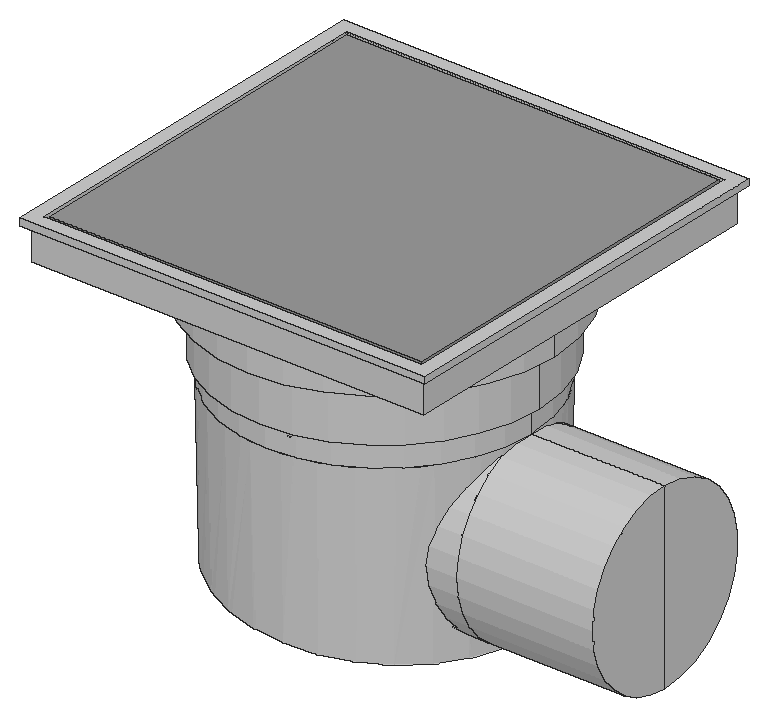
Revit family "HL_Дворовый трап серии Perfekt_HL605W", category Instalační zařizovací předměty, Revit 2016
Family settings
  Typ součásti = Normální
  Kóta kulaté spojky = Použít průměr
  Číslo OmniClass = 23.70.50.21.24.14
  Nadpis OmniClass = Deck Waste Water Drains
  Založené na pracovní rovině = Ne
  Vždy vertikální = Ano
  Ořezat dutým tvarem při načtení = Ne
  Sdílené = Ne
  Bod výpočtu místnosti = Ano
Parameters
  РЕШЁТКА = "Gusseisen 226 x 226 mm"
  РАЗМЕР = "DN110"
  ПРОПУСКНАЯ СПОСОБНОСТЬ [instance] = 0.0 L/s
  ПРОИЗВОДИТЕЛЬНОСТЬ = "2,5 l/s"
  ПРАВОВАЯ ИНФОРМАЦИЯ = "\"Copyright (©), design rights or any other intellectual property rights, shall be the exclusive property of HL Hutterer & Lechner GmbH. Modification is not allowed. Family has been watermarked.\""
  НОМИНАЛЬНЫЙ ДИАМЕТР = 110 mm
  НАСАДКА = "244 x 244 mm"
  МАТЕРИАЛ = "PP"
  МАКСИМАЛЬНАЯ НАГРУЗКА КЛАССА = "A - 1,5 t (außen)"
  ВЫСОТА МОНТАЖА = "206 mm"
  ВЕС = "6,981 kg"
  Výrobce = "HL Hutterer & Lechner GmbH"
  URL = "http://www.hutterer-lechner.com/en/products/catalog/roof-drains/HL605W.aspx"
  Материал плитка [instance] = none
  Připojení ventilace = no
  Připojení odpadu = yes
  Připojení HW = no
  Připojení CW = no
  Description = ""
  Model = "HL605W"
  Assembly Code = " "
  Type Comments = "perfect-drain DN110 horizontal 244x244mm plastic/226x226mm cast iron with trap seal"
  Keynote = "HL605W"
  IH [instance] = Высота монтажа 1 + Высота монтажа 2  # 0 mm
  Высота монтажа 2 [instance] = 0 mm
  Высота монтажа 1 [instance] = 0 mm
  G [instance] = 90.00°  # constant formula
  EAN = "9003076011070"
  D [instance] = 170 mm
  C [instance] = if(IH - 68 mm < 0 mm, 0 mm, IH - 68 mm)  # 0 mm
  B [instance] = IH + 151.2 mm  # 151.2 mm
  A [instance] = if(B - 100 mm > 15 mm, B - 100 mm, 15 mm)  # 51.2 mm
Types (2, lengths in mm): name | ПРАВОВАЯ ИНФОРМАЦИЯ | URL | Description | Type Comments
  (no name) | "\"Copyright (©), design rights or any other intellectual property rights, shall be the exclusive property of HL Hutterer & Lechner GmbH. Modification is not allowed. Family has been watermarked.\"" | "http://www.hutterer-lechner.com/en/products/catalog/roof-drains/HL605W.aspx" | "" | "perfect-drain DN110 horizontal 244x244mm plastic/226x226mm cast iron with trap seal"
  HL_Дворовый трап серии Perfekt_HL605W | "\"Авторские права(©), права на дизайн или какие либо другие права интелектуальной собственности являются исключительной собственностью компании HL Hutterer & Lechner. Изменению не подлежит. Файл семейства с данными о прозводителе изделия защищен паролем с водяным знаком.\"" | "http://www.hutterer-lechner.com/ru/products/catalog/roof-drains/HL605W.aspx" | "Дворовый трап серии Perfekt DN110 горизонтальный выпуск" | "Дворовый трап серии Perfekt DN110 горизонтальный 244х244мм ПП/226х226мм чугун с водяным затвором."
Reference planes
  plane 1 "Center (Front/Back)": y = 0
  plane 2: z = 0
  plane 3 "Center (Left/Right)": x = 0
  plane 4: z = -151.2
  plane 5: z = 0
  plane 6: z = 0
Lines and regions (mm)
  model lines, style "InvisibleLines"
    curve 1: line (0, 0, 0) -> (0, 0, 20)
  model lines, style "PlumbingFixtures", detail levels coarse+medium
    curve 2: line (0, 0, -151.2) -> (0, 0, -100)
    curve 3: line (0, 0, -100) -> (-100, 0, 0)
    curve 4: line (0, 0, -100) -> (100, 0, 0)
    curve 6: line (0, 0, -151.2) -> (170, 0, -151.2)
  reference lines, not visible
    curve 5: line (0, 0, -151.2) -> (170, 0, -151.2)
  symbolic lines, style "PlumbingFixtures", detail levels coarse+medium
    curve 7: line (-75, 75, 0) -> (75, 75, 0)
    curve 8: line (-75, -75, 0) -> (-75, 75, 0)
    curve 9: line (75, -75, 0) -> (-75, -75, 0)
    curve 10: line (75, 75, 0) -> (75, -75, 0)
    curve 11: line (-75, 75, 0) -> (-145.711, 145.711, 0)
    curve 12: line (75, 75, 0) -> (145.711, 145.711, 0)
    curve 13: line (-75, -75, 0) -> (-145.711, -145.711, 0)
    curve 14: line (75, -75, 0) -> (145.711, -145.711, 0)
  symbolic lines, style "PlumbingFixtures", not visible, detail levels coarse+medium
    curve 15: line (-75, 75, 0) -> (75, 75, 0)
    curve 16: line (-75, -75, 0) -> (-75, 75, 0)
    curve 17: line (75, -75, 0) -> (-75, -75, 0)
    curve 18: line (75, 75, 0) -> (75, -75, 0)
    curve 19: line (-75, 75, 0) -> (-145.711, 145.711, 0)
    curve 20: line (75, 75, 0) -> (145.711, 145.711, 0)
    curve 21: line (-75, -75, 0) -> (-145.711, -145.711, 0)
    curve 22: line (75, -75, 0) -> (145.711, -145.711, 0)
Text (mm)
  text "FLOOR" at (-162.344, 0, -10.979), in view "Слева"
Dimensions and locks
  "B": plane 2 to plane 4
  "IH": plane 2 to plane 5
  "A": curve 4 to plane 4
  "D": curve 5 to curve 5
  "D": curve 6 to curve 6
  "Высота монтажа 1": plane 2 to plane 6
  locked: curve 4 to plane 3 "Center (Left/Right)" (angle 45.00°)
  locked: plane 3 "Center (Left/Right)" to curve 3 (angle 45.00°)
  "G": angle curve 5 to plane 3 "Center (Left/Right)"
  aligned and locked: level to plane 2
  aligned and locked: plane 2 to curve 4
  aligned and locked: plane 2 to curve 3
  aligned and locked: plane 4 to curve 5
  aligned and locked: plane 3 "Center (Left/Right)" to curve 5
  aligned and locked: plane 4 to curve 2
  aligned and locked: curve 6 to plane 3 "Center (Left/Right)"
  aligned and locked: curve 6 to plane 4
  aligned and locked: plane 3 "Center (Left/Right)" to nested 1
  aligned and locked: plane 5 to nested 1
  aligned and locked: plane 3 "Center (Left/Right)" to nested 2
  aligned and locked: plane 2 to nested 2
  aligned and locked: plane 3 "Center (Left/Right)" to nested 4
  aligned and locked: nested 4 to nested 1
  aligned and locked: plane 3 "Center (Left/Right)" to nested 3
  aligned and locked: nested 1 to nested 3
Automatic sketch dimensions
  curve 2 to plane 3 "Center (Left/Right)" = 0 mm
  curve 1 to plane 3 "Center (Left/Right)" = 0 mm
  curve 1 to level = 0 mm
  level to curve 1 = 20 mm
Nested families
  nested 1: "HL-кровельные воронки - корпус-HL605K" at (0, 0, 0), type "HL-кровельные воронки - корпус-HL605K"
  nested 2: "HL-Решетка для сливного отверстия-HL0606.1E" at (0, 0, 0), type "HL-Решетка для сливного отверстия-HL0606.1E"
  nested 3: "HL-Песколовка-HL0606.2E" at (0, 0, -19.999), type "HL-Песколовка-HL0606.2E"
  nested 4: "HL-Вкладыш запахозапирающий-HL0605.2E" at (0, 0, -77), type "HL-Вкладыш запахозапирающий-HL0605.2E"
Connectors
  piping at (170, 0, -151.2), diameter 110, driven by "ПРОПУСКНАЯ СПОСОБНОСТЬ", driven by "НОМИНАЛЬНЫЙ ДИАМЕТР"
    settings: on curve 5, index 1, connector inside diameter 609.6 mm, connector length 0 mm, flow factor 0, pipe flow 0.0 L/s, pressure drop 0.0 Pa, fitting loss kfactor 0, connector angle 0.00°, fixture units 0, engagement length 0 mm, angle of deflection 0.00°, flow configuration 1, flow direction 2, fitting loss method 0, system type 16, joint type 0, gender type 0, connector reference index -1, connector utility 0, adjustable connector yes, is connector primary yes, connector description ""
Definition of nested family "HL-кровельные воронки - корпус-HL605K"
  Parameters (values of type "HL-кровельные воронки - корпус-HL605K")
    РАЗМЕР = "DN110"
    ПРАВОВАЯ ИНФОРМАЦИЯ = "\"Авторские права(©), права на дизайн или какие либо другие права интелектуальной собственности являются исключительной собственностью компании HL Hutterer & Lechner. Изменению не подлежит. Файл семейства с данными о прозводителе изделия защищен паролем с водяным знаком.\""
    НАСАДКА = "244 x 244 mm"
    МАТЕРИАЛ = "PP"
    ВЫСОТА МОНТАЖА = "206 mm"
    ВЕС = "0,696 kg"
    Manufacturer = "HL Hutterer & Lechner GmbH"
    URL = "http://www.hutterer-lechner.com/ru/products/catalog/roof-drains/HL605K.aspx"
    Description = "Дворовый трап серии Perfekt DN110 горизонтальный выпуск"
    Model = "HL605K"
    материал = none
    Type Comments = "Корпус дворового трапа серии Perfekt DN110 горизонтальный 244х244мм ПП"
    Keynote = "HL605K"
    EAN = "9003076012749"
    Cost = 0
  Values of the unnamed type that differ from the named types
    РАЗМЕР = ""
    ПРАВОВАЯ ИНФОРМАЦИЯ = ""
    НАСАДКА = ""
    МАТЕРИАЛ = ""
    ВЫСОТА МОНТАЖА = ""
    ВЕС = ""
    Manufacturer = ""
    URL = ""
    Description = ""
    Model = ""
    Type Comments = ""
    Keynote = ""
    EAN = ""
  Reference planes
    plane 1 "Střed (vpředu/vzadu)": y = 0
    plane 2: z = 0
    plane 3 "Střed (vlevo/vpravo)": x = 0
  Forms (mm)
    Extrusion 1, solid, material <- "материал", detail levels fine
      sketch origin (0, 0, 0) x (1, 0, 0) y (0, 1, 0)
        loop
          line (-118.5, 118.5) -> (-118.5, -118.5) -> (118.5, -118.5) -> (118.5, 118.5) -> (-118.5, 118.5)
        loop
          line (114.5, -114.5) -> (114.5, 114.5) -> (-114.5, 114.5) -> (-114.5, -114.5) -> (114.5, -114.5)
      from -4 to -20
    Extrusion 2, solid, material <- "материал", detail levels fine
      sketch origin (0, 0, 0) x (1, 0, 0) y (0, 1, 0)
        loop
          line (-118.5, 118.5) -> (-118.5, -118.5) -> (118.5, -118.5) -> (118.5, 118.5) -> (-118.5, 118.5)
        loop
          circle (0, 0) r 99.04
      from -20 to -24
    Extrusion 3, solid, material <- "материал", detail levels fine
      sketch origin (0, 0, 0) x (1, 0, 0) y (0, 1, 0)
        loop
          line (-122.5, 122.5) -> (-122.5, -122.5) -> (122.5, -122.5) -> (122.5, 122.5) -> (-122.5, 122.5)
        loop
          line (114.5, -114.5) -> (114.5, 114.5) -> (-114.5, 114.5) -> (-114.5, -114.5) -> (114.5, -114.5)
      from -4 to 0
    Revolve 4, solid, material <- "материал", detail levels fine
      sketch origin (0, 0, 0) x (1, 0, 0) y (0, 0, 1)
        loop
          line (-99.04, -24) -> (-102.992, -24) -> (-102.992, -49.657) -> (-93.991, -49.657) -> (-93.991, -81.233) -> (-89.525, -81.233) -> (-89.525, -96.233) -> (-87.601, -206.46) -> (0, -206.46) -> (0, -142.233) -> (-85.48, -142.233) -> (-85.48, -77) -> (-90.064, -77) -> (-90.064, -42) -> (-99.04, -42) -> (-99.04, -24)
        axis (0, -24) -> (0, -206.46)
      angle from 0 to 360
    Extrusion 5, void
      sketch origin (0, 0, 0) x (1, 0, 0) y (0, 0, 1)
        loop
          line (101.097, -207.584) -> (-103.425, -190.313) -> (-103.425, -230.313) -> (101.097, -230.313) -> (101.097, -207.584)
      from -118.5 to 100
    Revolve 6, solid, material <- "материал", detail levels fine
      sketch origin (0, 0, 0) x (1, 0, 0) y (0, 0, 1)
        loop
          line (170, -151.233) -> (52.576, -151.233) -> (52.576, -206.233) -> (87.576, -206.233) -> (170, -206.233) -> (170, -151.233)
        axis (52.576, -151.233) -> (170, -151.233)
      angle from 0 to 360
    Extrusion 7, void
      sketch origin (0, 0, 0) x (1, 0, 0) y (0, 1, 0)
        loop
          line (53.489, 64) -> (-15, 64) -> (-15, 82.049)
          arc (-15, 82.049) -> (-83.409, 0) -> (-15, -82.049) r 83.409
          line (-15, -82.049) -> (-15, -64) -> (53.489, -64)
          arc (53.489, -64) -> (83.409, 0) -> (53.489, 64) r 83.409
      from -186.135 to -66.314
    Extrusion 8, void
      sketch origin (400, 0, 0) x (1, 0, 0) y (0, 1, 0)
        loop
          line (-343.274, 64) -> (-415, 64) -> (-415, -64) -> (-344.352, -64)
          arc (-344.352, -64) -> (-313.891, -0.252) -> (-343.274, 64) r 83.409
      from -186.135 to -66.314
  Cuts and joins
    Extrusion 5, Extrusion 7 cuts Revolve 4
    joined: Extrusion 1, Extrusion 2, Extrusion 3, Revolve 4
    Extrusion 5, Extrusion 8 cuts Revolve 6
  Dimensions and locks
    aligned and locked: level to plane 2
Definition of nested family "HL-Решетка для сливного отверстия-HL0606.1E"
  Parameters
    РАЗМЕР = ""
    ПРАВОВАЯ ИНФОРМАЦИЯ = ""
    МАТЕРИАЛ = ""
    МАКСИМАЛЬНАЯ НАГРУЗКА КЛАССА = ""
    ВЕС = ""
    Manufacturer = ""
    URL = ""
    Description = ""
    Model = ""
    материал = none
    Type Comments = ""
    Keynote = ""
    EAN = ""
    Cost = 0
  Types (2, lengths in mm): name | РАЗМЕР | ПРАВОВАЯ ИНФОРМАЦИЯ | МАТЕРИАЛ | МАКСИМАЛЬНАЯ НАГРУЗКА КЛАССА | ВЕС | Manufacturer | URL | Description | Model | Type Comments | Keynote | EAN
    (no name) | "" | "" | "" | "" | "" | "" | "" | "" | "" | "" | "" | ""
    HL-Решетка для сливного отверстия-HL0606.1E | "226x226mm" | "\"Авторские права(©), права на дизайн или какие либо другие права интелектуальной собственности являются исключительной собственностью компании HL Hutterer & Lechner. Изменению не подлежит. Файл семейства с данными о прозводителе изделия защищен паролем с водяным знаком.\"" | "Gusseisen" | "B - 12,5 t (aussen)" | "6,046 kg" | "HL Hutterer & Lechner GmbH" | "http://www.hutterer-lechner.com/ru/products/catalog/roof-drains/HL0606.1E.aspx" | "Решетка для сливного отверстия" | "HL0606.1E" | "Чугунная решетка для сливного отверстия 226х226мм" | "HL0606.1E" | "9003076060610"
  Reference planes
    plane 1 "Střed (vpředu/vzadu)": y = 0
    plane 2: z = 0
    plane 3 "Střed (vlevo/vpravo)": x = 0
  Forms (mm)
    Extrusion 1, solid, material <- "материал", detail levels fine
      sketch origin (0, 0, 0) x (1, 0, 0) y (0, 1, 0)
        loop
          line (112.5, 112.5) -> (-112.5, 112.5) -> (-112.5, -112.5) -> (112.5, -112.5) -> (112.5, 112.5)
      from 0 to -20.1
  Lines and regions (mm)
    model lines, detail levels fine
      curve 1: line (80.964, 45.608, 0) -> (46.315, 10.96, 0)
      curve 2: line (10.96, 46.315, 0) -> (45.608, 80.964, 0)
      curve 3: line (21.567, 35.709, 0) -> (56.215, 70.357, 0)
      curve 4: line (35.709, 21.567, 0) -> (70.357, 56.215, 0)
      curve 5: arc (80.964, 45.608, 0) -> (80.964, 56.215, 0) -> (70.357, 56.215, 0) r 7.5
      curve 6: arc (56.215, 70.357, 0) -> (56.215, 80.964, 0) -> (45.608, 80.964, 0) r 7.5
      curve 7: arc (21.567, 35.709, 0) -> (10.96, 35.709, 0) -> (10.96, 46.315, 0) r 7.5
      curve 8: arc (46.315, 10.96, 0) -> (35.709, 10.96, 0) -> (35.709, 21.567, 0) r 7.5
      curve 9: line (80.964, -45.608, 0) -> (46.315, -10.96, 0)
      curve 10: line (10.96, -46.315, 0) -> (45.608, -80.964, 0)
      curve 11: line (21.567, -35.709, 0) -> (56.215, -70.357, 0)
      curve 12: line (35.709, -21.567, 0) -> (70.357, -56.215, 0)
      curve 13: arc (80.964, -45.608, 0) -> (80.964, -56.215, 0) -> (70.357, -56.215, 0) r 7.5
      curve 14: arc (56.215, -70.357, 0) -> (56.215, -80.964, 0) -> (45.608, -80.964, 0) r 7.5
      curve 15: arc (21.567, -35.709, 0) -> (10.96, -35.709, 0) -> (10.96, -46.315, 0) r 7.5
      curve 16: arc (46.315, -10.96, 0) -> (35.709, -10.96, 0) -> (35.709, -21.567, 0) r 7.5
      curve 17: line (-80.964, 45.608, 0) -> (-46.315, 10.96, 0)
      curve 18: line (-10.96, 46.315, 0) -> (-45.608, 80.964, 0)
      curve 19: line (-21.567, 35.709, 0) -> (-56.215, 70.357, 0)
      curve 20: line (-35.709, 21.567, 0) -> (-70.357, 56.215, 0)
      curve 21: arc (-80.964, 45.608, 0) -> (-80.964, 56.215, 0) -> (-70.357, 56.215, 0) r 7.5
      curve 22: arc (-56.215, 70.357, 0) -> (-56.215, 80.964, 0) -> (-45.608, 80.964, 0) r 7.5
      curve 23: arc (-21.567, 35.709, 0) -> (-10.96, 35.709, 0) -> (-10.96, 46.315, 0) r 7.5
      curve 24: arc (-46.315, 10.96, 0) -> (-35.709, 10.96, 0) -> (-35.709, 21.567, 0) r 7.5
      curve 25: line (-80.964, -45.608, 0) -> (-46.315, -10.96, 0)
      curve 26: line (-10.96, -46.315, 0) -> (-45.608, -80.964, 0)
      curve 27: line (-21.567, -35.709, 0) -> (-56.215, -70.357, 0)
      curve 28: line (-35.709, -21.567, 0) -> (-70.357, -56.215, 0)
      curve 29: arc (-80.964, -45.608, 0) -> (-80.964, -56.215, 0) -> (-70.357, -56.215, 0) r 7.5
      curve 30: arc (-56.215, -70.357, 0) -> (-56.215, -80.964, 0) -> (-45.608, -80.964, 0) r 7.5
      curve 31: arc (-21.567, -35.709, 0) -> (-10.96, -35.709, 0) -> (-10.96, -46.315, 0) r 7.5
      curve 32: arc (-46.315, -10.96, 0) -> (-35.709, -10.96, 0) -> (-35.709, -21.567, 0) r 7.5
      curve 33: line (7.5, 92, 0) -> (7.5, 72.5, 0)
      curve 34: line (-7.5, 92, 0) -> (-7.5, 72.5, 0)
      curve 35: arc (7.5, 92, 0) -> (0, 99.5, 0) -> (-7.5, 92, 0) r 7.5
      curve 36: arc (7.5, 72.5, 0) -> (0, 65, 0) -> (-7.5, 72.5, 0) r 7.5
      curve 37: line (92, 7.5, 0) -> (72.5, 7.5, 0)
      curve 38: line (92, -7.5, 0) -> (72.5, -7.5, 0)
      curve 39: arc (92, 7.5, 0) -> (99.5, 0, 0) -> (92, -7.5, 0) r 7.5
      curve 40: arc (72.5, 7.5, 0) -> (65, 0, 0) -> (72.5, -7.5, 0) r 7.5
      curve 41: line (-92, 7.5, 0) -> (-72.5, 7.5, 0)
      curve 42: line (-92, -7.5, 0) -> (-72.5, -7.5, 0)
      curve 43: arc (-92, 7.5, 0) -> (-99.5, 0, 0) -> (-92, -7.5, 0) r 7.5
      curve 44: arc (-72.5, 7.5, 0) -> (-65, 0, 0) -> (-72.5, -7.5, 0) r 7.5
      curve 45: line (7.5, -92, 0) -> (7.5, -72.5, 0)
      curve 46: line (-7.5, -92, 0) -> (-7.5, -72.5, 0)
      curve 47: arc (7.5, -92, 0) -> (0, -99.5, 0) -> (-7.5, -92, 0) r 7.5
      curve 48: arc (7.5, -72.5, 0) -> (0, -65, 0) -> (-7.5, -72.5, 0) r 7.5
  Dimensions and locks
    aligned and locked: level to plane 2
Definition of nested family "HL-Песколовка-HL0606.2E"
  Parameters (values of type "HL-Песколовка-HL0606.2E")
    ПРАВОВАЯ ИНФОРМАЦИЯ = "\"Авторские права(©), права на дизайн или какие либо другие права интелектуальной собственности являются исключительной собственностью компании HL Hutterer & Lechner. Изменению не подлежит. Файл семейства с данными о прозводителе изделия защищен паролем с водяным знаком.\""
    МАТЕРИАЛ = "PP"
    ВЕС = "0,09 kg"
    Manufacturer = "HL Hutterer & Lechner GmbH"
    URL = "http://www.hutterer-lechner.com/ru/products/catalog/roof-drains/HL0606.2E.aspx"
    Description = "Песколовка"
    Model = "HL0606.2E"
    материал = none
    Type Comments = "Песколовка"
    Keynote = "HL0606.2E"
    EAN = "9003076060627"
    Cost = 0
  Values of the unnamed type that differ from the named types
    ПРАВОВАЯ ИНФОРМАЦИЯ = ""
    МАТЕРИАЛ = ""
    ВЕС = ""
    Manufacturer = ""
    URL = ""
    Description = ""
    Model = ""
    Type Comments = ""
    Keynote = ""
    EAN = ""
  Reference planes
    plane 1 "Střed (vpředu/vzadu)": y = 0
    plane 2: z = 0
    plane 3 "Střed (vlevo/vpravo)": x = 0
  Forms (mm)
    Revolve 1, solid, material <- "материал", detail levels fine
      sketch origin (0, 0, 0) x (1, 0, 0) y (0, 0, 1)
        loop
          line (0, -55.952) -> (0, -58.018) -> (57.601, -56.006)
          arc (57.601, -56.006) -> (65.932, -53.053) -> (69.532, -44.98) r 11.208
          line (69.532, -44.98) -> (72.482, -41.586) -> (75.031, -12.448) -> (75.865, -6.515)
          arc (75.865, -6.515) -> (76.428, -5.156) -> (77.786, -4.594) r 1.921
          line (77.786, -4.594) -> (95.979, -3.002) -> (95.979, -0.001) -> (73.246, -1.99) -> (69.436, -41.391) -> (67.501, -43.326)
          arc (67.501, -43.326) -> (65.111, -51.02) -> (57.603, -53.94) r 9.273
          line (57.603, -53.94) -> (0, -55.952)
        axis (0, -58.018) -> (0, -0.001)
      angle from 0 to 360
  Dimensions and locks
    aligned and locked: level to plane 2
Definition of nested family "HL-Вкладыш запахозапирающий-HL0605.2E"
  Parameters
    ПРАВОВАЯ ИНФОРМАЦИЯ = ""
    МАТЕРИАЛ = ""
    ВЕС = ""
    Manufacturer = ""
    URL = ""
    Description = ""
    Model = ""
    материал 2 = none
    материал = none
    Type Comments = ""
    Keynote = ""
    EAN = ""
    Cost = 0
  Types (2, lengths in mm): name | ПРАВОВАЯ ИНФОРМАЦИЯ | МАТЕРИАЛ | ВЕС | Manufacturer | URL | Description | Model | Type Comments | Keynote | EAN
    (no name) | "" | "" | "" | "" | "" | "" | "" | "" | "" | ""
    HL-Вкладыш запахозапирающий-HL0605.2E | "\"Авторские права(©), права на дизайн или какие либо другие права интелектуальной собственности являются исключительной собственностью компании HL Hutterer & Lechner. Изменению не подлежит. Файл семейства с данными о прозводителе изделия защищен паролем с водяным знаком.\"" | "PP" | "0,192 kg" | "HL Hutterer & Lechner GmbH" | "http://www.hutterer-lechner.com/ru/products/catalog/roof-drains/HL0605.2E.aspx" | "Вкладыш запахозапирающий" | "HL0605.2E" | "Вкладыш водяного затвора комплектный" | "HL0605.2E" | "9003076009725"
  Reference planes
    plane 1 "Střed (vpředu/vzadu)": y = 0
    plane 2: z = 0
    plane 3 "Střed (vlevo/vpravo)": x = 0
  Forms (mm)
    Revolve 1, solid, material <- "материал 2", detail levels fine
      sketch origin (0, 0, 0) x (1, 0, 0) y (0, 0, 1)
        loop
          line (88, -3) -> (88, 0) -> (82.921, 0) -> (82.921, -1.338) -> (78.867, -6.169) -> (78.867, -19.629) -> (76.315, -48.796)
          arc (76.315, -48.796) -> (75.558, -51.125) -> (73.796, -52.827) r 5.066
          line (73.796, -52.827) -> (58.029, -61.938) -> (58.029, -93.034) -> (53.399, -98) -> (41.859, -98) -> (41.859, -83.043) -> (45.35, -83.043) -> (45.35, -33) -> (29.878, -33) -> (29.878, -100) -> (52.94, -100)
          arc (52.94, -100) -> (57.932, -97.932) -> (60, -92.939) r 7.061
          line (60, -92.939) -> (60, -65.894)
          arc (60, -65.894) -> (60.671, -63.394) -> (62.5, -61.564) r 5.003
          line (62.5, -61.564) -> (74.706, -54.511)
          arc (74.706, -54.511) -> (77.106, -52.212) -> (78.174, -49.065) r 6.994
          line (78.174, -49.065) -> (81.088, -15.754) -> (83.996, -15.499) -> (83.996, -12.378)
          arc (83.996, -12.378) -> (85.775, -10) -> (83.996, -7.623) r 2.478
          line (83.996, -7.623) -> (83.996, -3) -> (88, -3)
        axis (0, 0) -> (0, -100)
      angle from 0 to 360
    Revolve 2, solid, material <- "материал", detail levels fine
      sketch origin (0, 0, 0) x (1, 0, 0) y (0, 0, 1)
        loop
          line (47.229, -83.043) -> (47.229, -28.043)
          arc (47.229, -28.043) -> (43.63, -19.353) -> (34.94, -15.754) r 12.289
          line (34.94, -15.754) -> (0, -15.754) -> (0, -48.796) -> (45.35, -48.796) -> (45.35, -83.043) -> (47.229, -83.043)
        axis (0, -83.043) -> (0, -15.754)
      angle from 0 to 360
  Dimensions and locks
    aligned and locked: level to plane 2
